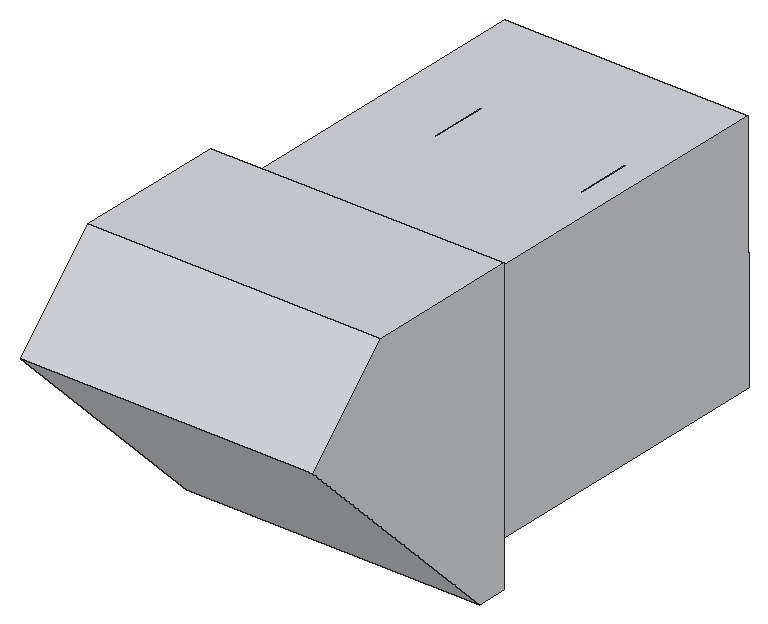
Revit family "XMPH", category Mechanical Equipment, Revit 2019
Family settings
  Round Connector Dimension = Use Diameter
  Part Type = Normal
  Work Plane-Based = No
  Always vertical = Yes
  Cut with Voids When Loaded = No
  Shared = No
  Room Calculation Point = No
Parameters (values of type "20_XMPH")
  WO_PAC = B_PAC + 0' 0 1/4"  # 2' - 1 1/4"
  WH_C = WH_B + 0' 3"  # 2' - 9"
  WH_B/2 = WH_B / 2  # 1' - 3"
  WH_B = 2' - 6"
  WH_A = 2' - 0 3/8"
  WEATHER_HOOD [instance] = yes
  Unit Weight [instance] = ""
  Sones [instance] = ""
  SIZE/2 = SIZE / 2  # 0' - 11 15/16"
  SIZE = D - 0' 0 1/8"  # 1' - 11 7/8"
  Motor RPM [instance] = ""
  Motor Enclosure [instance] = ""
  ModelID [instance] = ""
  MOTOR = D / 10  # 0' - 2.4"
  LwA [instance] = ""
  Fan RPM [instance] = ""
  D_PAC/2 = D_PAC / 2 - 0' 4"  # 1' - 1 3/16"
  D_PAC = 2' - 10 3/8"
  D/2 = D / 2  # 1' - 0"
  D = 2' - 0"
  E/2 = E / 2  # 0' - 1"
  E = 0' - 2"
  C_PAC/2 = C_PAC / 2  # 0' - 11"
  C_PAC = 1' - 10"
  C/2 = C / 2  # 0' - 2 5/8"
  C = 0' - 5 1/4"
  B_PAC/2 = B_PAC / 2  # 1' - 0 1/2"
  B_PAC = 2' - 1"
  B/4 = B / 4  # 0' - 4 49/64"
  B/2 = B / 2  # 0' - 9 17/32"
  B = 1' - 7 1/16"
  Accessories [instance] = ""
  A_PAC/2 = A_PAC / 2  # 1' - 1 3/4"
  A_PAC = 2' - 3 1/2"
  A/7 = A / 7  # 0' - 3.45536"
  A/3.5 = A / 3.5  # 0' - 6.91071"
  A/2 = A / 2  # 1' - 0 3/32"
  A = 2' - 0 3/16"
  90 = 90.00°  # constant formula
  9" = 0' - 9"  # constant formula
  4'6" = 4' - 6"  # constant formula
  3" = 0' - 3"  # constant formula
  Brake Hp [instance] = ""
  4" = 0' - 4"  # constant formula
  2' = 2' - 0"
  2" = 0' - 2"  # constant formula
  135 = 135.00°  # constant formula
  1" = 0' - 1"  # constant formula
  0 = 0' - 0"  # constant formula
  Voltage [instance] = 0 V
  URL = "www.lorencook.com"
  Type Comments = "Heavy Duty Medium-Pressure Wall-Pac Exhaust Fan Steel Propeller Belt Drive"  # constant formula
  Static Pressure [instance] = 0.00 in-wg
  Power [instance] = Voltage * Motor FLA * sqrt(if(Phase = 3, 3, 1))  # 0 VA
  Phase [instance] = 0
  Number of Poles [instance] = 1
  Motor Hp [instance] = "0"
  Motor FLA [instance] = 0 A
  Model = "XMPH"  # constant formula
  Manufacturer = "Loren Cook Company"
  CFM [instance] = 0 CFM
  1.5 = 0' - 1 1/2"  # constant formula
  1/2 = 0' - 0 1/2"  # constant formula
  ONE EIGTH = 0' - 0 1/8"  # constant formula
  -WH_B/2 = -WH_B / 2  # -1' - 3"
  -D_PAC/2 = -D_PAC / 2 - 0' 4"  # -1' - 9 3/16"
  -D = -E  # -0' - 2"
  -C/2 = -C / 2  # -0' - 2 5/8"
  -B+1" = -B + 0' 2"  # -1' - 5 1/16"
  -B = -B  # -1' - 7 1/16"
  -((SIZE/2)-.25") = -((SIZE / 2) - 0' 0 1/4")  # -0' - 11 11/16"
  -((A/2)-C-.5") = -((A / 2) - C - 0' 0 1/2")  # -0' - 6 11/32"
  (SIZE/2)-.25" = (SIZE / 2) - 0' 0 1/4"  # 0' - 11 11/16"
  (D_SUP/2)-(C/2)-.125" = (D / 2) - (C / 2) - 0' 0 1/8"  # 0' - 9 1/4"
  (A/2)-C-.5" = (A / 2) - C - 0' 0 1/2"  # 0' - 6 11/32"
  (A/2)-1" = (A / 2) - 0' 0 1/4"  # 0' - 11 27/32"
Types (9): name | WO_PAC | WH_C | WH_B/2 | WH_B | WH_A | SIZE/2 | SIZE | MOTOR | D_PAC/2 | D_PAC | D/2 | D | E/2 | E | C_PAC/2 | C_PAC | C/2 | C | B_PAC/2 | B_PAC | B/4 | B/2 | B | A_PAC/2 | A_PAC | A/7 | A/3.5 | A/2 | A | -WH_B/2 | -D_PAC/2 | -D | -C/2 | -B+1" | -B | -((SIZE/2)-.25") | -((A/2)-C-.5") | (SIZE/2)-.25" | (D_SUP/2)-(C/2)-.125" | (A/2)-C-.5" | (A/2)-1"
  (no name) | 2' - 1 1/4" | 2' - 9" | 1' - 3" | 2' - 6" | 2' - 0 3/8" | 0' - 11 15/16" | 1' - 11 7/8" | 0' - 2.4" | 1' - 1 3/16" | 2' - 10 3/8" | 1' - 0" | 2' - 0" | 0' - 1" | 0' - 2" | 0' - 11" | 1' - 10" | 0' - 2 5/8" | 0' - 5 1/4" | 1' - 0 1/2" | 2' - 1" | 0' - 4 49/64" | 0' - 9 17/32" | 1' - 7 1/16" | 1' - 1 3/4" | 2' - 3 1/2" | 0' - 3.45536" | 0' - 6.91071" | 1' - 0 3/32" | 2' - 0 3/16" | -1' - 3" | -1' - 9 3/16" | -0' - 2" | -0' - 2 5/8" | -1' - 5 1/16" | -1' - 7 1/16" | -0' - 11 11/16" | -0' - 6 11/32" | 0' - 11 11/16" | 0' - 9 1/4" | 0' - 6 11/32" | 0' - 11 27/32"
  24_XMPH | 2' - 7 1/4" | 3' - 1" | 1' - 5" | 2' - 10" | 2' - 3 1/8" | 1' - 2 15/16" | 2' - 5 7/8" | 0' - 3" | 1' - 1 3/16" | 2' - 10 3/8" | 1' - 3" | 2' - 6" | 0' - 1 1/2" | 0' - 3" | 1' - 1 3/4" | 2' - 3 1/2" | 0' - 3 3/8" | 0' - 6 3/4" | 1' - 3 1/2" | 2' - 7" | 0' - 4 49/64" | 0' - 9 17/32" | 1' - 7 1/16" | 1' - 4 3/4" | 2' - 9 1/2" | 0' - 4 5/16" | 0' - 8 5/8" | 1' - 3 3/32" | 2' - 6 3/16" | -1' - 5" | -1' - 9 3/16" | -0' - 3" | -0' - 3 3/8" | -1' - 5 1/16" | -1' - 7 1/16" | -1' - 2 11/16" | -0' - 7 27/32" | 1' - 2 11/16" | 0' - 11 1/2" | 0' - 7 27/32" | 1' - 2 27/32"
  30_XMPH | 3' - 1 1/4" | 3' - 7" | 1' - 8" | 3' - 4" | 2' - 7 7/16" | 1' - 5 15/16" | 2' - 11 7/8" | 0' - 3.6" | 1' - 3" | 3' - 2" | 1' - 6" | 3' - 0" | 0' - 1 1/2" | 0' - 3" | 1' - 4 3/4" | 2' - 9 1/2" | 0' - 3 3/8" | 0' - 6 3/4" | 1' - 6 1/2" | 3' - 1" | 0' - 4 49/64" | 0' - 9 17/32" | 1' - 7 1/16" | 1' - 7 3/4" | 3' - 3 1/2" | 0' - 5.16964" | 0' - 10.33929" | 1' - 6 3/32" | 3' - 0 3/16" | -1' - 8" | -1' - 11" | -0' - 3" | -0' - 3 3/8" | -1' - 5 1/16" | -1' - 7 1/16" | -1' - 5 11/16" | -0' - 10 27/32" | 1' - 5 11/16" | 1' - 2 1/2" | 0' - 10 27/32" | 1' - 5 27/32"
  36_XMPH | 3' - 7 1/4" | 4' - 1" | 1' - 11" | 3' - 10" | 2' - 11 11/16" | 1' - 8 15/16" | 3' - 5 7/8" | 0' - 4.2" | 1' - 3 3/4" | 3' - 3 1/2" | 1' - 9" | 3' - 6" | 0' - 1 1/2" | 0' - 3" | 1' - 7 3/4" | 3' - 3 1/2" | 0' - 3 11/16" | 0' - 7 3/8" | 1' - 9 1/2" | 3' - 7" | 0' - 4 49/64" | 0' - 9 17/32" | 1' - 7 1/16" | 1' - 10 3/4" | 3' - 9 1/2" | 0' - 6.02679" | 1' - 0.05357" | 1' - 9 3/32" | 3' - 6 3/16" | -1' - 11" | -1' - 11 3/4" | -0' - 3" | -0' - 3 11/16" | -1' - 5 1/16" | -1' - 7 1/16" | -1' - 8 11/16" | -1' - 1 7/32" | 1' - 8 11/16" | 1' - 5 3/16" | 1' - 1 7/32" | 1' - 8 27/32"
  42_XMPH | 4' - 1 5/16" | 4' - 7" | 2' - 2" | 4' - 4" | 3' - 3 15/16" | 1' - 11 15/16" | 3' - 11 7/8" | 0' - 4.8" | 1' - 4 1/2" | 3' - 5" | 2' - 0" | 4' - 0" | 0' - 1 1/2" | 0' - 3" | 1' - 10 3/4" | 3' - 9 1/2" | 0' - 3 25/32" | 0' - 7 9/16" | 2' - 0 17/32" | 4' - 1 1/16" | 0' - 5 11/64" | 0' - 10 11/32" | 1' - 8 11/16" | 2' - 1 3/4" | 4' - 3 1/2" | 0' - 6.88393" | 1' - 1.76786" | 2' - 0 3/32" | 4' - 0 3/16" | -2' - 2" | -2' - 0 1/2" | -0' - 3" | -0' - 3 25/32" | -1' - 6 11/16" | -1' - 8 11/16" | -1' - 11 11/16" | -1' - 4 1/32" | 1' - 11 11/16" | 1' - 8 3/32" | 1' - 4 1/32" | 1' - 11 27/32"
  48_XMPH | 4' - 7 5/16" | 5' - 1" | 2' - 5" | 4' - 10" | 3' - 8 3/16" | 2' - 2 15/16" | 4' - 5 7/8" | 0' - 5.4" | 1' - 9 1/2" | 4' - 3" | 2' - 3" | 4' - 6" | 0' - 1 1/2" | 0' - 3" | 2' - 1 3/4" | 4' - 3 1/2" | 0' - 3 15/16" | 0' - 7 7/8" | 2' - 3 17/32" | 4' - 7 1/16" | 0' - 6 37/64" | 1' - 1 5/32" | 2' - 2 5/16" | 2' - 4 3/4" | 4' - 9 1/2" | 0' - 7.74107" | 1' - 3.48214" | 2' - 3 3/32" | 4' - 6 3/16" | -2' - 5" | -2' - 5 1/2" | -0' - 3" | -0' - 3 15/16" | -2' - 0 5/16" | -2' - 2 5/16" | -2' - 2 11/16" | -1' - 6 23/32" | 2' - 2 11/16" | 1' - 10 15/16" | 1' - 6 23/32" | 2' - 2 27/32"
  54_XMPH | 5' - 1 3/8" | 5' - 7" | 2' - 8" | 5' - 4" | 4' - 0 7/16" | 2' - 5 15/16" | 4' - 11 7/8" | 0' - 6" | 1' - 8" | 4' - 0" | 2' - 6" | 5' - 0" | 0' - 1 1/2" | 0' - 3" | 2' - 4 3/4" | 4' - 9 1/2" | 0' - 3 7/8" | 0' - 7 3/4" | 2' - 6 9/16" | 5' - 1 1/8" | 0' - 6 37/64" | 1' - 1 5/32" | 2' - 2 5/16" | 2' - 7 3/4" | 5' - 3 1/2" | 0' - 8.59821" | 1' - 5.19643" | 2' - 6 3/32" | 5' - 0 3/16" | -2' - 8" | -2' - 4" | -0' - 3" | -0' - 3 7/8" | -2' - 0 5/16" | -2' - 2 5/16" | -2' - 5 11/16" | -1' - 9 27/32" | 2' - 5 11/16" | 2' - 2" | 1' - 9 27/32" | 2' - 5 27/32"
  60_XMPH | 5' - 7 3/8" | 6' - 1" | 2' - 11" | 5' - 10" | 4' - 4 5/8" | 2' - 8 15/16" | 5' - 5 7/8" | 0' - 6.6" | 1' - 8" | 4' - 0" | 2' - 9" | 5' - 6" | 0' - 1 1/2" | 0' - 3" | 2' - 7 3/4" | 5' - 3 1/2" | 0' - 3 15/16" | 0' - 7 7/8" | 2' - 9 9/16" | 5' - 7 1/8" | 0' - 6 37/64" | 1' - 1 5/32" | 2' - 2 5/16" | 2' - 10 3/4" | 5' - 9 1/2" | 0' - 9.45536" | 1' - 6.91071" | 2' - 9 3/32" | 5' - 6 3/16" | -2' - 11" | -2' - 4" | -0' - 3" | -0' - 3 15/16" | -2' - 0 5/16" | -2' - 2 5/16" | -2' - 8 11/16" | -2' - 0 23/32" | 2' - 8 11/16" | 2' - 4 15/16" | 2' - 0 23/32" | 2' - 8 27/32"
  20_XMPH | 2' - 1 1/4" | 2' - 9" | 1' - 3" | 2' - 6" | 2' - 0 3/8" | 0' - 11 15/16" | 1' - 11 7/8" | 0' - 2.4" | 1' - 1 3/16" | 2' - 10 3/8" | 1' - 0" | 2' - 0" | 0' - 1" | 0' - 2" | 0' - 11" | 1' - 10" | 0' - 2 5/8" | 0' - 5 1/4" | 1' - 0 1/2" | 2' - 1" | 0' - 4 49/64" | 0' - 9 17/32" | 1' - 7 1/16" | 1' - 1 3/4" | 2' - 3 1/2" | 0' - 3.45536" | 0' - 6.91071" | 1' - 0 3/32" | 2' - 0 3/16" | -1' - 3" | -1' - 9 3/16" | -0' - 2" | -0' - 2 5/8" | -1' - 5 1/16" | -1' - 7 1/16" | -0' - 11 11/16" | -0' - 6 11/32" | 0' - 11 11/16" | 0' - 9 1/4" | 0' - 6 11/32" | 0' - 11 27/32"
Reference planes (in)
  plane 1 "Center (Front/Back)": y = 0
  plane 2: z = 0
  plane 3 "Center (Left/Right)": x = 0.40541
Forms (in)
  Revolve 1, solid
    sketch origin (0.40541, 0, 0) x (0, 1, 0) y (0, 0, 1)
      loop
        line (-3.625, 2.625) -> (-3.625, 0) -> (-2.625, 0) -> (-2.625, 2.625) -> (-3.625, 2.625)
      axis (-3.625, 0) -> (-2.625, 0)
    angle from 0 to 360
  Extrusion 2, solid
    sketch origin (0.40541, 0, 0) x (0, 1, 0) y (0, 0, 1)
      loop
        line (0, -2.625) -> (-5.25, 2.625) -> (-5.33839, 2.53661) -> (-0.08839, -2.71339) -> (0, -2.625)
    from 48 to 2.625 <- "C/2"
  Extrusion 3, solid
    sketch origin (0.40541, 0, 0) x (0, 1, 0) y (-1, 0, 0)
      loop
        line (0, -2.625) -> (-5.25, 2.625) -> (-5.33839, 2.53661) -> (-0.08839, -2.71339) -> (0, -2.625)
    from 48 to 2.625 <- "C/2"
  Extrusion 4, solid
    sketch origin (0.40541, 0, 0) x (0, 1, 0) y (0, 0, -1)
      loop
        line (0, -2.625) -> (-5.25, 2.625) -> (-5.33839, 2.53661) -> (-0.08839, -2.71339) -> (0, -2.625)
    from 48 to 2.625 <- "C/2"
  Extrusion 5, solid
    sketch origin (0.40541, 0, 0) x (1, 0, 0) y (0, 1, 0)
      loop
        line (-2.625, 0) -> (-2.71339, -0.08839) -> (2.53661, -5.33839) -> (2.625, -5.25) -> (-2.625, 0)
    from -48 to -2.625 <- "-C/2"
  Extrusion 6, void
    sketch origin (0, 0, 0) x (1, 0, 0) y (0, 0, 1)
      loop
        circle (0.40541, 0) r 9.25
      loop
        circle (0.40541, 0) r 54
    from 0 to 10
  Extrusion 7, solid
    sketch origin (0, 0, 0) x (1, 0, 0) y (0, 0, 1)
      loop
        line (-11.68834, 12.09375) -> (-11.68834, -12.09375) -> (12.49916, -12.09375) -> (12.49916, 12.09375) -> (-11.68834, 12.09375)
      loop
        circle (0.40541, 0) r 12
    from 0 to -0.125
  Extrusion 8, solid
    sketch origin (0, 0, 0) x (1, 0, 0) y (0, 0, 1)
      loop
        line (-11.68834, 12.09375) -> (-11.68834, -12.09375) -> (12.49916, -12.09375) -> (12.49916, 12.09375) -> (-11.68834, 12.09375)
      loop
        line (12.37416, -11.96875) -> (12.37416, 11.96875) -> (-11.56334, 11.96875) -> (-11.56334, -11.96875) -> (12.37416, -11.96875)
    from 0 to -2 <- "-D"
  Extrusion 9, solid
    sketch origin (0, 0, 0) x (1, 0, 0) y (0, 0, 1)
      loop
        circle (0.40541, 0) r 1
    from 2 to -19.0625 <- "-B"
  Extrusion 10, solid
    sketch origin (0, 0, 0) x (1, 0, 0) y (0, 0, 1)
      loop
        line (-6.5053, -2) -> (-6.5053, -11) -> (-6.3803, -11) -> (-6.3803, -3.5) -> (7.19113, -3.5) -> (7.19113, -11) -> (7.31613, -11) -> (7.31613, -2) -> (-6.5053, -2)
    from 0 to -17.0625 <- "-B+1""
  Sweep 11, solid
    path origin (0.40541, 0, 0) x (0, 1, 0) y (0, 0, 1)
      loop
        line (0.125, 10.96875) -> (11.29687, 10.96875)
        arc (11.29687, 10.96875) -> (14.66668, 9.57293) -> (16.0625, 6.20312) r 4.76563
        line (16.0625, 6.20312) -> (16.0625, -6.20312)
        arc (16.0625, -6.20312) -> (14.66668, -9.57293) -> (11.29687, -10.96875) r 4.76563
        line (11.29687, -10.96875) -> (0.125, -10.96875)
    profile origin (0.40541, 5.71094, 10.96875) x (0, 0, 1) y (1, 0, 0)
      loop
        circle (0, -7.41071) r 0.5
      loop
        circle (0, 7.41071) r 0.5
  Revolve 12, solid
    sketch origin (0.40541, 0, 0) x (0, 1, 0) y (0, 0, 1)
      loop
        arc (-0.125, 12) -> (-2.75, 9.375) -> (-5.375, 12) r 2.625
        line (-5.375, 12) -> (-5.5, 12)
        arc (-5.5, 12) -> (-2.75, 9.25) -> (0, 12) r 2.75
        line (0, 12) -> (-0.125, 12)
      axis (-5.5, 0) -> (0, 0)
    angle from 0 to 360
  Extrusion 13, solid
    sketch origin (0, 17.0625, 0) x (-1, 0, 0) y (0, 0, 1)
      loop
        circle (-0.40541, -5.9) r 2.4
    from 0 to -17.0625 <- "-B+1""
  Extrusion 14, solid
    sketch origin (0, 19.0625, 0) x (-1, 0, 0) y (0, 0, 1)
      loop
        circle (-0.40541, -5.9) r 1
    from 0 to -2
  Extrusion 15, solid
    sketch origin (0, 17.0625, 0) x (-1, 0, 0) y (0, 0, 1)
      loop
        line (-3.40541, -0.5) -> (-3.40541, -2) -> (2.59459, -2) -> (2.59459, -0.5) -> (1.53108, -0.5)
        arc (1.53108, -0.5) -> (-0.40541, 2) -> (-2.3419, -0.5) r 2
        line (-2.3419, -0.5) -> (-3.40541, -0.5)
    from -2.5 to -1
  Extrusion 16, solid
    sketch origin (0, 0, 0) x (1, 0, 0) y (0, 0, 1)
      loop
        arc (2.3419, -0.5) -> (0.40541, 2) -> (-1.53108, -0.5) r 2
        line (-1.53108, -0.5) -> (-2.59459, -0.5) -> (-2.59459, -2) -> (3.40541, -2) -> (3.40541, -0.5) -> (2.3419, -0.5)
    from -2.5 to -1
  Extrusion 17, solid
    sketch origin (0, 0, 0) x (1, 0, 0) y (0, 0, 1)
      loop
        line (-11.96959, 12.375) -> (-11.96959, -12.375) -> (12.78041, -12.375) -> (12.78041, 12.375) -> (-11.96959, 12.375)
      loop
        line (12.90541, -12.5) -> (12.90541, 12.5) -> (-12.09459, 12.5) -> (-12.09459, -12.5) -> (12.90541, -12.5)
    from -21.1875 <- "-D_PAC/2" to 13.1875 <- "D_PAC/2"
  Extrusion 18, solid
    sketch origin (0, -13.1875, 0) x (1, 0, 0) y (0, 0, 1)
      loop
        line (-13.34459, 13.75) -> (-13.34459, -13.75) -> (14.15541, -13.75) -> (14.15541, 13.75) -> (-13.34459, 13.75)
      loop
        line (11.40541, -11) -> (11.40541, 11) -> (-10.59459, 11) -> (-10.59459, -11) -> (11.40541, -11)
    from 0 to 0.125
  Extrusion 19, solid
    sketch origin (0, -13.3125, 0) x (1, 0, 0) y (0, 0, 1)
      loop
        line (-8.59459, 9) -> (-8.59459, -9) -> (9.40541, -9) -> (9.40541, 9) -> (-8.59459, 9)
      loop
        line (11.40541, -11) -> (11.40541, 11) -> (-10.59459, 11) -> (-10.59459, -11) -> (11.40541, -11)
    from 0 to 2
  Extrusion 20, solid, visible <- "WEATHER_HOOD"
    sketch origin (0.40541, 0, 0) x (0, 1, 0) y (0, 0, 1)
      loop
        line (-13.3125, 15) -> (-29.0625, 15) -> (-37.6875, 6.375) -> (-16.3125, -15) -> (-13.3125, -15) -> (-13.3125, 15)
    from 15 <- "WH_B/2" to -15 <- "-WH_B/2"
Cuts and joins
  Extrusion 6 cuts Revolve 1
  Extrusion 6 cuts Extrusion 2
  Extrusion 6 cuts Extrusion 3
  Extrusion 6 cuts Extrusion 4
  Extrusion 6 cuts Extrusion 5
Dimensions and locks (in)
  "0": Revolve 1 sketch curve to level  (x2)
  "C/2": Revolve 1 sketch curve to level
  "C/2": plane 1 "Center (Front/Back)" to Revolve 1 sketch curve
  "1"": Revolve 1 sketch curve to Revolve 1 sketch curve
  "0": Extrusion 2 sketch curve to plane 1 "Center (Front/Back)"
  "C": plane 1 "Center (Front/Back)" to Extrusion 2 sketch curve
  "C/2": Extrusion 2 sketch curve to level
  "C/2": level to Extrusion 2 sketch curve
  "ONE EIGTH": Extrusion 2 sketch curve to Extrusion 2 sketch curve
  "ONE EIGTH": Extrusion 3 sketch curve to Extrusion 3 sketch curve
  "ONE EIGTH": Extrusion 4 sketch curve to Extrusion 4 sketch curve
  "ONE EIGTH": Extrusion 5 sketch curve to Extrusion 5 sketch curve
  Extrusion 6 sketch curve to plane 3 "Center (Left/Right)" = 0' - 0"  (x2)
  level to Extrusion 6 sketch curve = 0' - 0"
  Extrusion 6 sketch curve to level = 0' - 0"
  "0": Extrusion 3 sketch curve to plane 1 "Center (Front/Back)"
  "C": Extrusion 3 sketch curve to plane 1 "Center (Front/Back)"
  "C/2": plane 3 "Center (Left/Right)" to Extrusion 3 sketch curve
  "C/2": Extrusion 3 sketch curve to plane 3 "Center (Left/Right)"
  "C": plane 1 "Center (Front/Back)" to Extrusion 4 sketch curve
  "0": Extrusion 4 sketch curve to plane 1 "Center (Front/Back)"
  "C/2": level to Extrusion 4 sketch curve
  "C/2": Extrusion 4 sketch curve to level
  "0": Extrusion 5 sketch curve to plane 1 "Center (Front/Back)"
  "C": Extrusion 5 sketch curve to plane 1 "Center (Front/Back)"
  "C/2": plane 3 "Center (Left/Right)" to Extrusion 5 sketch curve
  "C/2": Extrusion 5 sketch curve to plane 3 "Center (Left/Right)"
  "A/2": plane 3 "Center (Left/Right)" to Extrusion 7 sketch curve
  "A/2": Extrusion 7 sketch curve to plane 3 "Center (Left/Right)"
  "A/2": Extrusion 7 sketch curve to level
  "A/2": level to Extrusion 7 sketch curve
  "0": Extrusion 7 sketch curve to level
  "0": Extrusion 7 sketch curve to plane 3 "Center (Left/Right)"
  "ONE EIGTH": Extrusion 8 sketch curve to Extrusion 8 sketch curve  (x4)
  "A/2": plane 3 "Center (Left/Right)" to Extrusion 8 sketch curve  (x2)
  "A/2": level to Extrusion 8 sketch curve
  "A/2": Extrusion 8 sketch curve to level
  "0": Extrusion 9 sketch curve to level
  "0": Extrusion 9 sketch curve to plane 3 "Center (Left/Right)"
  "2"": level to Extrusion 10 sketch curve
  "9"": Extrusion 10 sketch curve to Extrusion 10 sketch curve  (x2)
  "A/3.5": Extrusion 10 sketch curve to plane 3 "Center (Left/Right)"
  "A/3.5": plane 3 "Center (Left/Right)" to Extrusion 10 sketch curve
  "ONE EIGTH": Sweep 11 sketch curve to plane 1 "Center (Front/Back)"  (x2)
  "1"": Extrusion 8 to Sweep 11 sketch curve  (x2)
  "0": Sweep 11 sketch curve to profile plane  (x2)
  "1/2": Sweep 11 sketch curve to Extrusion 10  (x2)
  "0": Revolve 12 sketch curve to level
  "D/2": Revolve 12 sketch curve to level  (x2)
  "C": Revolve 12 sketch curve to Revolve 12 sketch curve
  "ONE EIGTH": plane 1 "Center (Front/Back)" to Revolve 12 sketch curve
  "ONE EIGTH": Revolve 12 sketch curve to Revolve 12 sketch curve  (x2)
  "0": Revolve 12 sketch curve to Revolve 12 sketch curve
  "ONE EIGTH": Extrusion 10 sketch curve to Extrusion 10 sketch curve  (x2)
  "1.5": Extrusion 10 sketch curve to Extrusion 10 sketch curve
  "1"": Extrusion 10 to Sweep 11 sketch curve
  "0": Extrusion 13 sketch curve to plane 3 "Center (Left/Right)"
  "MOTOR": Extrusion 13 sketch curve to Extrusion 10
  "0": Extrusion 14 sketch curve to plane 3 "Center (Left/Right)"
  "MOTOR": Extrusion 14 sketch curve to Extrusion 10
  "0": Extrusion 10 to Extrusion 15 sketch curve
  "1.5": Extrusion 15 sketch curve to Extrusion 15 sketch curve
  "3"": plane 3 "Center (Left/Right)" to Extrusion 15 sketch curve  (x2)
  "0": Extrusion 15 sketch curve to plane 3 "Center (Left/Right)"
  "0": level to Extrusion 15 sketch curve
  "0": Extrusion 16 sketch curve to plane 3 "Center (Left/Right)"
  "0": Extrusion 16 sketch curve to level
  "0": Extrusion 10 to Extrusion 16 sketch curve
  "1.5": Extrusion 10 to Extrusion 16 sketch curve
  "3"": plane 3 "Center (Left/Right)" to Extrusion 16 sketch curve  (x2)
  "ONE EIGTH": Extrusion 17 sketch curve to Extrusion 17 sketch curve  (x4)
  "B_PAC/2": plane 3 "Center (Left/Right)" to Extrusion 17 sketch curve
  "B_PAC/2": Extrusion 17 sketch curve to plane 3 "Center (Left/Right)"
  "B_PAC/2": Extrusion 17 sketch curve to level
  "B_PAC/2": level to Extrusion 17 sketch curve
  "A_PAC/2": plane 3 "Center (Left/Right)" to Extrusion 18 sketch curve
  "A_PAC/2": Extrusion 18 sketch curve to plane 3 "Center (Left/Right)"
  "A_PAC/2": Extrusion 18 sketch curve to level
  "A_PAC/2": level to Extrusion 18 sketch curve
  "C_PAC/2": level to Extrusion 18 sketch curve
  "C_PAC/2": Extrusion 18 sketch curve to level
  "C_PAC/2": plane 3 "Center (Left/Right)" to Extrusion 18 sketch curve  (x2)
  "2"": Extrusion 19 sketch curve to Extrusion 19 sketch curve  (x4)
  "C_PAC/2": plane 3 "Center (Left/Right)" to Extrusion 19 sketch curve  (x2)
  "C_PAC/2": Extrusion 19 sketch curve to level
  "C_PAC/2": level to Extrusion 19 sketch curve
  "WH_B/2": Extrusion 20 sketch curve to level
  "WH_B/2": level to Extrusion 20 sketch curve
  "0": Extrusion 18 to Extrusion 20 sketch curve
  "3"": Extrusion 20 sketch curve to Extrusion 20 sketch curve
  "WH_A": Extrusion 20 sketch curve to Extrusion 20 sketch curve
  "(D_SUP/2)-(C/2)-.125"": radius of Extrusion 6 sketch curve
  "D/2": radius of Extrusion 7 sketch curve
  "1"": radius of Extrusion 9 sketch curve
  "B/4": radius of Sweep 11 sketch curve  (x2)
  "1/2": radius of Sweep 11 sketch curve  (x2)
  "MOTOR": radius of Extrusion 13 sketch curve
  "1"": radius of Extrusion 14 sketch curve
  "2"": radius of Extrusion 15 sketch curve
  "2"": radius of Extrusion 16 sketch curve
  "4'6"": radius of Extrusion 6 sketch curve
  "135": angle Extrusion 20 sketch curve to Extrusion 20 sketch curve
  "90": angle Extrusion 20 sketch curve to Extrusion 20 sketch curve
Automatic sketch dimensions
  Revolve 1 sketch curve to plane 1 "Center (Front/Back)" = 0' - 0"
  Revolve 1 sketch curve to Revolve 1 sketch curve = 2' - 2"
  plane 1 "Center (Front/Back)" to Revolve 12 sketch curve = 0' - 3 1/4"
  Revolve 12 sketch curve to Revolve 12 sketch curve = 0' - 1.44822"
  Extrusion 15 sketch curve to Extrusion 15 sketch curve = 0' - 1.06351"
  Extrusion 16 sketch curve to Extrusion 16 sketch curve = 0' - 1.06351"
  Extrusion 16 sketch curve to Extrusion 16 sketch curve = 0' - 0"  (x2)
Connectors (in)
  electrical at (0.40541, 0, -5.9)
    settings: on Extrusion 13, index 2, voltage 0 V, apparent load 0 VA, apparent load phase1 0 VA, apparent load phase2 0 VA, apparent load phase3 0 VA, power factor 1, load classification "Other", number of poles 1, system type 30, power factor state 1, is connector primary yes, connector utility no, sub classification motor no, connector description ""
  hvac at (0.40541, -15.3125, 0), driven by "CFM", driven by "WO_PAC", driven by "WO_PAC"
    settings: on Extrusion 19, index 3, duct flow 0 CFM, flow factor 0, pres drop 0.00 in-wg, loss coef 0, conn angle 0.00°, conn width 25 1/4", conn height 25 1/4", conn diameter 24", duct sys type 3, conn prof type 1, flow config 0, flow direction 2, loss method 0, conn ref index -1, conn util no, is conn primary yes, conn desc ""
  hvac at (0.40541, 21.1875, 0), driven by "CFM", driven by "WO_PAC", driven by "WO_PAC"
    settings: on Extrusion 17, index 4, duct flow 0 CFM, flow factor 0, pres drop 0.00 in-wg, loss coef 0, conn angle 0.00°, conn width 25 1/4", conn height 25 1/4", conn diameter 24", duct sys type 3, conn prof type 1, flow config 0, flow direction 1, loss method 0, conn ref index -1, conn util no, is conn primary no, conn desc ""
